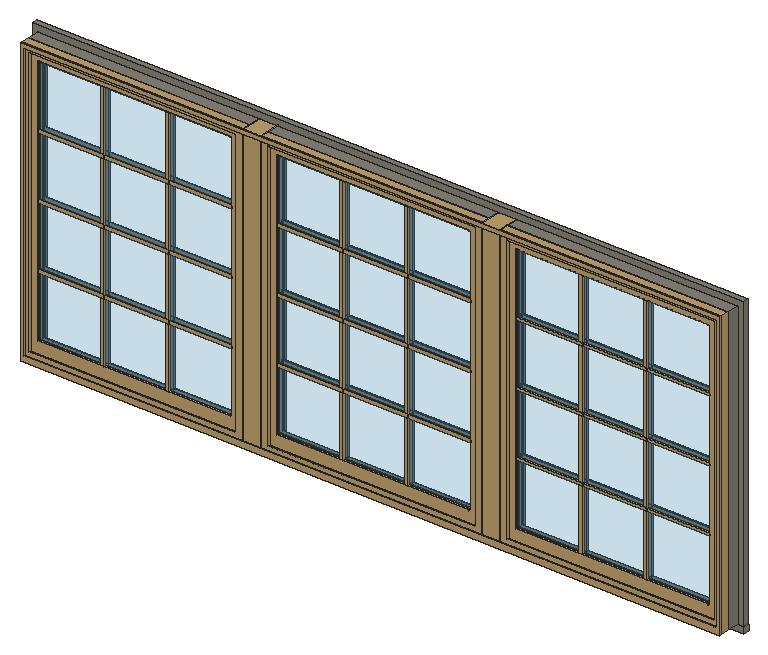
Revit family (continued)
Definition of nested family "Double_Hung-Marvin-Picture_Unit-Clad_Ultimate_NG"
  Definition of nested family "Double_Hung_Plan_Detail"
    Definition of nested family "Jamb"
      Lines and regions (in)
        detail lines, style "Cut Lines", in view "Ref. Level"
          curve 2: line (1.5, 4.5625, 0) -> (0, 4.5625, 0)
          curve 3: line (1.5625, 0.125, 0) -> (1.5625, 1.9375, 0)
          curve 4: line (1.78125, 0.125, 0) -> (1.5625, 0.125, 0)
          curve 5: line (1.78125, -0.21875, 0) -> (1.78125, 0.125, 0)
          curve 6: line (0.59375, -1.09375, 0) -> (0.66381, -0.625, 0)
          curve 7: line (0, -1.09375, 0) -> (0.59375, -1.09375, 0)
          curve 13: line (0.9375, -0.625, 0) -> (0.66381, -0.625, 0)
          curve 14: line (0.9375, -0.625, 0) -> (0.9375, -0.21875, 0)
          curve 15: line (0.9375, -0.21875, 0) -> (1.78125, -0.21875, 0)
          curve 16: line (1.59375, 2.79171, 0) -> (1.59375, 2.28125, 0)
          curve 17: line (3.0625, 2.28125, 0) -> (1.59375, 2.28125, 0)
          curve 18: line (3.0625, 2.43238, 0) -> (3.0625, 2.28125, 0)
          curve 19: line (3.25, 2.58905, 0) -> (3.0625, 2.43238, 0)
          curve 20: line (2.5, 2.625, 0) -> (3.25, 2.625, 0)
          curve 21: line (2.5, 3.59375, 0) -> (2.5, 2.625, 0)
          curve 22: line (3.25, 3.59375, 0) -> (2.5, 3.59375, 0)
          curve 23: line (3.25, 3.74532, 0) -> (3.25, 3.59375, 0)
          curve 24: line (3.03099, 4.03125, 0) -> (3.03099, 3.96433, 0)
          curve 25: line (0.875, 4.03125, 0) -> (3.03099, 4.03125, 0)
          curve 26: line (3.25, 2.625, 0) -> (3.25, 2.58905, 0)
          curve 27: line (3.03099, 3.96433, 0) -> (3.25, 3.74532, 0)
          curve 28: line (2.625, 3.54688, 0) -> (2.625, 2.67188, 0)
          curve 29: line (2.9375, 3.42188, 0) -> (2.9375, 2.79688, 0)
          curve 30: line (1.78125, 2.15625, 0) -> (1.5, 2.15625, 0)
          curve 31: line (1.78125, 1.9375, 0) -> (1.78125, 2.15625, 0)
          curve 32: line (1.5, 2.15625, 0) -> (1.5, 2.83543, 0)
          curve 33: line (1.5625, 1.9375, 0) -> (1.78125, 1.9375, 0)
          curve 34: line (0.875, 2.9378, 0) -> (0.875, 4.03125, 0)
          curve 35: line (1.59375, 2.79171, 0) -> (1.28046, 2.9378, 0)
          curve 36: line (1.28046, 2.9378, 0) -> (0.875, 2.9378, 0)
          curve 37: line (1.5, 4.03125, 0) -> (1.5, 4.5625, 0)
        detail lines, style "Cut Lines", in view "Ref. Level", visible <- "Flange Visibility"
          curve 8: line (-1.5, 0, 0) -> (-0.15, 0, 0)
          curve 9: line (0, -0.04501, 0) -> (-1.5, -0.04501, 0)
          curve 10: line (-1.5, -0.04501, 0) -> (-1.5, 0, 0)
          curve 11: line (-0.15, 0.10999, 0) -> (0, 0.10999, 0)
          curve 12: line (-0.15, 0, 0) -> (-0.15, 0.10999, 0)
Definition of nested family "Label Annotation 1-16 w3"
  Parameters (values of type "Label Annotation 1-16 w3")
    Mulled Units = 3
    Egress Info = "EGRESS WDW"
    Description = "3648 CSMT"
  Reference planes (in)
    plane 1: y = 0
    plane 2: x = 0
  Text (in)
    label "Mulled Units X Description Egress Info" at (0.00375, -0.00345, 0), shows "Mulled Units", "Description", "Egress Info"
Definition of nested family "Double_Hung_Section_Detail"
  Parameters (values of type "Double_Hung_Section_Detail")
    Subsill Visibility = yes
    Height = 5' - 3 1/2"
    Casing Visibility = yes
    Assembly Code = ""
  Reference planes (in)
    plane 1 "Center (Front/Back)": y = 0.8125
    plane 2: z = 0
    plane 3 "Center (Left/Right)": x = 0
    plane 4: y = 31.75
    plane 5: y = 28.53125
    plane 6: y = -31.75
    plane 7: y = -26.90625
  Lines and regions (in)
    detail lines, style "Cut Lines", in view "Ref. Level"
      curve 1: line (-3.54688, -27.53125, 0) -> (-3.54688, 29.15625, 0)
      curve 2: line (-2.67188, -27.53125, 0) -> (-2.67188, 29.15625, 0)
      curve 3: line (-3.42188, -27.53125, 0) -> (-3.42188, 29.15625, 0)
      curve 4: line (-2.79688, -27.53125, 0) -> (-2.79688, 29.15625, 0)
  Dimensions and locks (in)
    plane 4 to plane 5 = 0' - 3 7/32"
    plane 6 to plane 7 = 0' - 4 27/32"
    "Height": plane 4 to plane 6
    equal spacing: plane 5, plane 1 "Center (Front/Back)", plane 7
    aligned and locked: plane 3 "Center (Left/Right)" to nested 1
    aligned and locked: nested 1 to plane 6
    aligned and locked: plane 3 "Center (Left/Right)" to nested 2
    aligned and locked: plane 4 to nested 2
    aligned and locked: curve 1 to nested 1  (x2)
    aligned and locked: nested 1 to curve 2
    aligned and locked: curve 2 to nested 1
    aligned and locked: curve 3 to nested 1
    aligned and locked: curve 4 to nested 1
    aligned and locked: nested 1 to curve 3
    aligned and locked: nested 1 to curve 4
    aligned and locked: curve 1 to nested 2
    aligned and locked: nested 2 to curve 3
    aligned and locked: nested 2 to curve 4
    aligned and locked: nested 2 to curve 2
  Nested families (in)
    nested 1: "Sill" at (0, -31.75, 0) x (-1, 0, 0) z (0, 0, 1), type "Sill", in view "Ref. Level"
    nested 2: "Head" at (0, 31.75, 0) x (-1, 0, 0) z (0, 0, 1), type "Head", in view "Ref. Level"
  Definition of nested family "Sill"
    Parameters (values of type "Sill")
      Flange Visibility = not(Casing)  # no
      Casing = yes
      Assembly Code = ""
    Reference planes (in)
      plane 1 "Center (Front/Back)": y = 0
      plane 2: z = 0
      plane 3 "Center (Left/Right)": x = 0
    Lines and regions (in)
      detail lines, style "Cut Lines", in view "Ref. Level"
        curve 1: line (-1.09375, 0, 0) -> (4.5625, 0, 0)
        curve 2: line (4.5625, 2.22769, 0) -> (4.5625, 0, 0)
        curve 3: line (3.3125, 1.6875, 0) -> (4.125, 1.6875, 0)
        curve 4: line (-1.09375, 0.59375, 0) -> (-0.23437, 0.72218, 0)
        curve 5: line (-1.09375, 0, 0) -> (-1.09375, 0.59375, 0)
        curve 6: line (4.03125, 1.90625, 0) -> (2.53125, 1.90625, 0)
        curve 7: line (2.28125, 4.65625, 0) -> (2.28125, 1.55765, 0)
        curve 8: line (2.43238, 4.65625, 0) -> (2.28125, 4.65625, 0)
        curve 9: line (2.58905, 4.84375, 0) -> (2.43238, 4.65625, 0)
        curve 10: line (2.625, 4.09375, 0) -> (2.625, 4.84375, 0)
        curve 11: line (3.59375, 4.09375, 0) -> (2.625, 4.09375, 0)
        curve 12: line (3.59375, 4.84375, 0) -> (3.59375, 4.09375, 0)
        curve 13: line (3.74532, 4.84375, 0) -> (3.59375, 4.84375, 0)
        curve 14: line (4.03125, 4.62474, 0) -> (3.96433, 4.62474, 0)
        curve 15: line (4.03125, 1.90625, 0) -> (4.03125, 4.62474, 0)
        curve 16: line (2.625, 4.84375, 0) -> (2.58905, 4.84375, 0)
        curve 17: line (3.96433, 4.62474, 0) -> (3.74532, 4.84375, 0)
        curve 18: line (3.54688, 4.21875, 0) -> (2.67188, 4.21875, 0)
        curve 19: line (3.42188, 4.53125, 0) -> (2.79688, 4.53125, 0)
        curve 25: line (4.5625, 2.22769, 0) -> (4.125, 2.22769, 0)
        curve 26: line (4.125, 2.22769, 0) -> (4.125, 1.6875, 0)
        curve 27: line (3.3125, 1.6875, 0) -> (-0.23437, 0.80316, 0)
        curve 28: line (-0.23437, 0.80316, 0) -> (-0.23437, 0.72218, 0)
        curve 29: line (2.28125, 1.55765, 0) -> (2.53125, 1.61998, 0)
        curve 30: line (2.53125, 1.90625, 0) -> (2.53125, 1.61998, 0)
      detail lines, style "Cut Lines", in view "Ref. Level", visible <- "Flange Visibility"
        curve 20: line (-0.04501, -1.25, 0) -> (-0.04501, -0.04688, 0)
        curve 21: line (0, 0, 0) -> (0, -1.25, 0)
        curve 22: line (0, -1.25, 0) -> (-0.04501, -1.25, 0)
        curve 23: line (-0.28125, -0.04688, 0) -> (-0.28125, 0, 0)
        curve 24: line (-0.04501, -0.04688, 0) -> (-0.28125, -0.04688, 0)
  Definition of nested family "Head"
    Parameters (values of type "Head")
      Flange Visibility = not(Casing)  # no
      Casing = yes
      Assembly Code = ""
    Reference planes (in)
      plane 1 "Center (Front/Back)": y = 0
      plane 2: z = 0
      plane 3 "Center (Left/Right)": x = 0
    Lines and regions (in)
      detail lines, style "Cut Lines", in view "Ref. Level"
        curve 1: line (-1.09375, 0, 0) -> (4.5625, 0, 0)
        curve 2: line (4.5625, -1.37436, 0) -> (4.5625, 0, 0)
        curve 3: line (2.15625, -1.5, 0) -> (2.81299, -1.5, 0)
        curve 4: line (0.125, -1.78125, 0) -> (0.125, -1.59375, 0)
        curve 5: line (-0.21875, -1.78125, 0) -> (0.125, -1.78125, 0)
        curve 6: line (-1.09375, -0.59375, 0) -> (-0.625, -0.66381, 0)
        curve 7: line (-1.09375, 0, 0) -> (-1.09375, -0.59375, 0)
        curve 8: line (2.81299, -1.5625, 0) -> (2.28125, -1.5625, 0)
        curve 9: line (2.28125, -3.03125, 0) -> (2.28125, -1.5625, 0)
        curve 10: line (2.43238, -3.03125, 0) -> (2.28125, -3.03125, 0)
        curve 11: line (2.58905, -3.21875, 0) -> (2.43238, -3.03125, 0)
        curve 12: line (2.625, -2.46875, 0) -> (2.625, -3.21875, 0)
        curve 13: line (3.59375, -2.46875, 0) -> (2.625, -2.46875, 0)
        curve 14: line (3.59375, -3.21875, 0) -> (3.59375, -2.46875, 0)
        curve 15: line (3.74532, -3.21875, 0) -> (3.59375, -3.21875, 0)
        curve 16: line (4.03125, -2.99974, 0) -> (3.96433, -2.99974, 0)
        curve 17: line (4.03125, -0.81212, 0) -> (4.03125, -2.99974, 0)
        curve 18: line (2.625, -3.21875, 0) -> (2.58905, -3.21875, 0)
        curve 19: line (3.96433, -2.99974, 0) -> (3.74532, -3.21875, 0)
        curve 20: line (3.54688, -2.59375, 0) -> (2.67188, -2.59375, 0)
        curve 21: line (3.42188, -2.90625, 0) -> (2.79688, -2.90625, 0)
        curve 27: line (-0.625, -0.9375, 0) -> (-0.625, -0.66381, 0)
        curve 28: line (-0.625, -0.9375, 0) -> (-0.21875, -0.9375, 0)
        curve 29: line (-0.21875, -0.9375, 0) -> (-0.21875, -1.78125, 0)
        curve 30: line (1.9375, -1.59375, 0) -> (0.125, -1.59375, 0)
        curve 31: line (4.03125, -0.81212, 0) -> (2.93703, -0.81212, 0)
        curve 32: line (2.93703, -0.81212, 0) -> (2.93703, -1.25087, 0)
        curve 33: line (2.93703, -1.25087, 0) -> (2.81299, -1.51688, 0)
        curve 34: line (2.81299, -1.5, 0) -> (2.81299, -1.5625, 0)
        curve 35: line (2.15625, -1.78125, 0) -> (2.15625, -1.5, 0)
        curve 36: line (1.9375, -1.78125, 0) -> (2.15625, -1.78125, 0)
        curve 37: line (1.9375, -1.59375, 0) -> (1.9375, -1.78125, 0)
        curve 38: line (4.5625, -1.37436, 0) -> (4.03125, -1.37436, 0)
      detail lines, style "Cut Lines", in view "Ref. Level", visible <- "Flange Visibility"
        curve 22: line (0, 1.5, 0) -> (0, 0.15, 0)
        curve 23: line (-0.04501, 0, 0) -> (-0.04501, 1.5, 0)
        curve 24: line (-0.04501, 1.5, 0) -> (0, 1.5, 0)
        curve 25: line (0.10999, 0.15, 0) -> (0.10999, 0, 0)
        curve 26: line (0, 0.15, 0) -> (0.10999, 0.15, 0)
